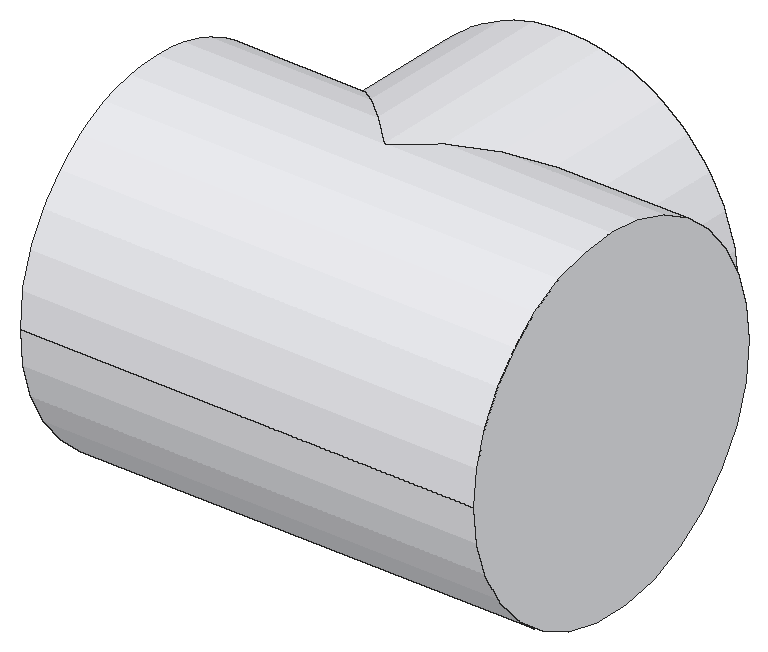
Revit family "PF_Тройник [фитинг полипропиленовый - тройник VTp.731.0]1 - VALTEC", category Соединительные детали трубопроводов, Revit 2019
Family settings
  Размер круглого соединителя = Использовать диаметр
  Тип детали = Тройник
  На основе рабочей плоскости = Нет
  Всегда вертикально = Да
  При загрузке вырезать с полостями = Нет
  Общий = Нет
Parameters (values of type "VTp.731.0")
  Таблица = "PF_Тройник [фитинг полипропиленовый - тройник VTp.731.0] - VALTEC"  # constant formula
  built-in parameter 1114238 [instance] = (empty or 0)
  Manufacturer = ""
  d1 [instance] = size_lookup(Таблица, "d1", 0 mm, d)  # 120 mm
  d [instance] = 90 mm
  URL = "https://valtec.ru/"
  C [instance] = size_lookup(Таблица, "C", 0 mm, d)  # 140 mm
  B [instance] = size_lookup(Таблица, "B", 0 mm, d)  # 33 mm
  ADSK_Примечание [instance] = ""
  ADSK_Позиция [instance] = ""
  ADSK_Обозначение = "VTp.731.0"  # constant formula
  ADSK_Наименование [instance] = size_lookup(Таблица, "", "Данный типоразмер отсутствует", d)  # "Фитинг полипропиленовый - тройник, 90 мм"
  ADSK_Материал = Пластик белый - VALTEC
  ADSK_Масса [instance] = size_lookup(Таблица, "Масса", 0, d)  # 1.003
  ADSK_Марка [instance] = size_lookup(Таблица, "Маркировка", "Данный типоразмер отсутствует", d)  # "90х90х90"
  ADSK_Код изделия [instance] = size_lookup(Таблица, "Код продукта", "Данный типоразмер отсутствует", d)  # "VTp.731.0.090"
  ADSK_Завод-изготовитель [instance] = "VALTEC"  # constant formula
  ADSK_Единица измерения [instance] = "шт."  # constant formula
  ADSK_URL страницы изделия = "https://valtec.ru/catalog/sistemy_polipropilenovyh_truboprovodov/polipropilenovye_fitingi/fiting_polipropilenovyj_trojnik_vtp7310.html"
  ADSK_URL документации изделия = "https://valtec.ru/document/technical/VTp.700-fitingi-0419.pdf"
  A [instance] = size_lookup(Таблица, "A", 0 mm, d)  # 159 mm
Reference planes
  plane 1 "По центру (Вперед/Назад)": y = 0
  plane 2: z = 0
  plane 3 "По центру (Влево/Вправо)": x = 0
  plane 4: x = -79.5
  plane 5: x = 79.5
  plane 6: y = -60
  plane 7: y = 60
  plane 8: y = 80
Forms (mm)
  Extrusion 1, solid, material "Пластик белый - VALTEC" <- "ADSK_Материал", detail levels medium+fine
    sketch origin (0, 0, 0) x (0, 1, 0) y (0, 0, 1)
      loop
        circle (0, 0) r 60
    from -79.5 to 79.5
  Extrusion 2, solid, material "Пластик белый - VALTEC" <- "ADSK_Материал", detail levels medium+fine
    sketch origin (0, 0, 0) x (1, 0, 0) y (0, 0, 1)
      loop
        circle (0, 0) r 60
    from -80 to 0
Cuts and joins
  joined: Extrusion 1, Extrusion 2
Lines and regions (mm)
  model lines, detail levels coarse
    curve 1: line (0, 0, 0) -> (0, 80, 0)
    curve 2: line (-79.5, 0, 0) -> (79.5, 0, 0)
  reference lines
    curve 3: line (-79.5, 0, 0) -> (79.5, 0, 0)
Dimensions and locks
  equal spacing: plane 4, plane 3 "По центру (Влево/Вправо)", plane 5
  "A": plane 4 to plane 5
  equal spacing: plane 6, plane 1 "По центру (Вперед/Назад)", plane 7
  "d1": plane 6 to plane 7
  "C": plane 8 to plane 6
  "d1": diameter of Extrusion 1 sketch curve
  "d1": diameter of Extrusion 2 sketch curve
  aligned and locked: level to plane 2
  aligned and locked: plane 2 to Extrusion 1 sketch curve
  aligned and locked: plane 1 "По центру (Вперед/Назад)" to Extrusion 1 sketch curve
  aligned and locked: Extrusion 1 to plane 4
  aligned and locked: plane 2 to Extrusion 2 sketch curve
  aligned and locked: plane 3 "По центру (Влево/Вправо)" to Extrusion 2 sketch curve
  aligned and locked: plane 8 to Extrusion 2
  aligned and locked: plane 1 "По центру (Вперед/Назад)" to Extrusion 2
  aligned and locked: plane 3 "По центру (Влево/Вправо)" to curve 1
  aligned and locked: plane 8 to curve 1
  aligned and locked: plane 1 "По центру (Вперед/Назад)" to curve 1
  aligned and locked: plane 5 to curve 2
  aligned and locked: plane 4 to curve 2
  aligned and locked: plane 1 "По центру (Вперед/Назад)" to curve 2
  aligned and locked: cut or joined group of Extrusion 1, Extrusion 2 to plane 5
  aligned and locked: plane 5 to curve 3
  aligned and locked: plane 4 to curve 3
  aligned and locked: plane 1 "По центру (Вперед/Назад)" to curve 3
Connectors
  piping at (0, 80, 0), diameter 90, driven by "d"
    settings: on cut or joined group of Extrusion 1, Extrusion 2, index 3, connector inside diameter 609.6 mm, connector length 0 mm, flow factor 0, pipe flow 0.0 L/s, pressure drop 0.0 Pa, fitting loss kfactor 0, connector angle 0.00°, fixture units 0, engagement length 0 mm, angle of deflection 0.00°, flow configuration 0, flow direction 0, fitting loss method 0, system type 28, joint type 0, gender type 0, connector reference index -1, connector utility 0, adjustable connector no, is connector primary no, connector description ""
  piping at (-79.5, 0, 0), diameter 90, driven by "d"
    settings: on curve 3, index 4, connector inside diameter 609.6 mm, connector length 0 mm, flow factor 0, pipe flow 0.0 L/s, pressure drop 0.0 Pa, fitting loss kfactor 0, connector angle 0.00°, fixture units 0, engagement length 0 mm, angle of deflection 0.00°, flow configuration 0, flow direction 0, fitting loss method 0, system type 28, joint type 0, gender type 0, connector reference index 5, connector utility 0, adjustable connector no, is connector primary yes, connector description ""
  piping at (79.5, 0, 0), diameter 90, driven by "d"
    settings: on curve 3, index 5, connector inside diameter 609.6 mm, connector length 0 mm, flow factor 0, pipe flow 0.0 L/s, pressure drop 0.0 Pa, fitting loss kfactor 0, connector angle 0.00°, fixture units 0, engagement length 0 mm, angle of deflection 0.00°, flow configuration 0, flow direction 0, fitting loss method 0, system type 28, joint type 0, gender type 0, connector reference index 4, connector utility 0, adjustable connector no, is connector primary no, connector description ""
